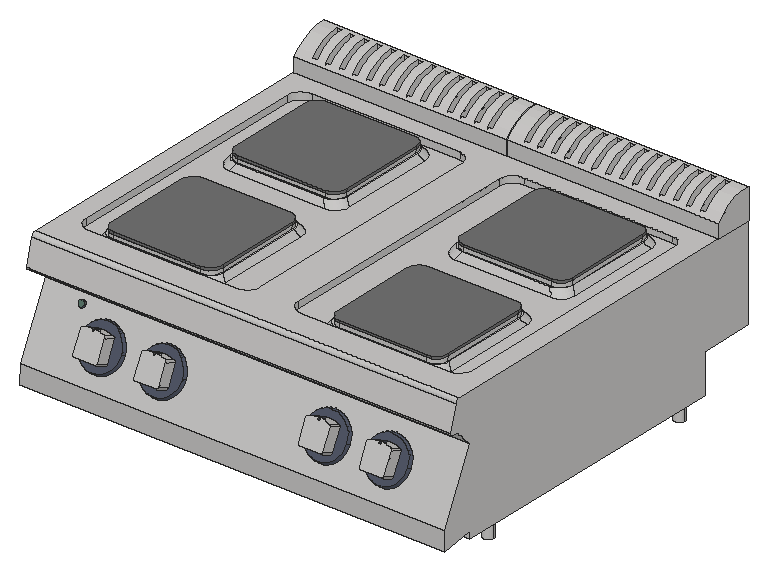
Revit family "QF_ZANUSSI_372017_Z7ECEH4Q00", category Specialty Equipment, Revit 2018
Family settings
  Round Connector Dimension = Use Diameter
  Part Type = Normal
  Work Plane-Based = No
  Always vertical = Yes
  Cut with Voids When Loaded = No
  Shared = No
  Room Calculation Point = No
Parameters
  Width = 800 mm  # constant formula
  Weight in Pounds = 88  # constant formula
  Weight = 0.00 kg
  Watts = 10400 W  # constant formula
  Volts = 400 V  # constant formula
  URL Manufacturer = "http://www.zanussiprofessional.com"
  URL Cutsheet = "www.electrolux.com/foodservice"
  URL = "http://www.zanussiprofessional.com"
  Type Mark [instance] = ""
  Steam Supply Size = 0"
  Steam Supply Minimum Pressure = 0.00 psi
  Steam Supply Maximum Pressure = 0.00 psi
  Steam Pounds per Hour = 0
  Status [instance] = ""
  Specification by User [instance] = ""
  Specification by Manufacturer = ""
  Show Logo [instance] = yes
  Show Clearance [instance] = yes
  Serial Number = ""
  Seismic Rating = ""
  SMACNA No = ""
  Revision Code [instance] = ""
  Refrigeration Suction Line Size = 0"
  Refrigeration Liquid Line Size = 0"
  Refrigerant Compressor Remote = yes
  Phase = 3  # constant formula
  Omniclass Number and Title = ""
  Number of Poles [instance] = 1
  NAFEM Spec ID Number = ""
  Model = "Z7ECEH4Q00"
  Min Ckt Ampacity = 0 A
  Max Overcurrent Protection = 0 A
  Masterspec = ""
  Manufacturer = "Zanussi"
  Length Actual = 800 mm  # constant formula
  Item Number [instance] = "372017"
  Installed By [instance] = ""
  Identify Quantity as Lot [instance] = yes
  Hot Water Size = 0"
  Height Actual = 250 mm  # constant formula
  Height = 332 mm  # constant formula
  HP = "13.9 HP"
  Gas Size = 0"
  Gas KW = 0
  Gas Input Pressure = 0.0 Btu/h
  Furnished By [instance] = ""
  Foodservice Equipment Identifier [instance] = yes
  FL Amps = if(Phase = 3, Watts / (Volts * 1.73), Watts / Volts)  # 15.0289 A
  Electrical Remarks [instance] = "400 V/3N ph/50/60 Hz"  # constant formula
  Electric Connection Type [instance] = ""
  Elec Conn RI Height [instance] = 0 mm
  Elec Conn Connection Height [instance] = 0 mm
  Direct Waste Size = 0"
  Description = "4-HOT SQUARE PLATE EL.BOILING TOP 800MM"
  Depth Actual = 700 mm  # constant formula
  Depth = 715 mm  # constant formula
  Cycle [instance] = if([60 Hertz Option], 60 Hz, 50 Hz)  # 60 Hz
  Conn Plug = ""
  Conn Conduit = yes
  Condensate Return Size = 0"
  Compressed Air Volume = 0 GPM
  Compressed Air Size = 0"
  Compressed Air Pressure = 0.00 psi
  Cold Water Size = 0"
  CSI MasterFormat = ""
  CSI Master Format = ""
  Base Height [instance] = 24 mm  # constant formula
  Assembly Code = ""
  Apparent Power = if(Phase = 3, Volts * FL Amps * 1.73, Volts * FL Amps)  # 10400 VA
  Accessory = yes
  60 Hertz Option [instance] = not([50 Hertz Option])  # yes
  50 Hertz Option [instance] = no
Reference planes
  plane 1 "BACK": y = 0
  plane 2: z = 0
  plane 3 "LEFT": x = 0
  plane 4 "RIGHT": x = 800
  plane 5 "FRONT": y = -715
  plane 6 "TOP": z = 288.925
  plane 7 "Center Y": x = 400
  plane 8 "Center X": y = -357.5
  plane 9 "BASE": z = 24
  plane 10 "TOP A": z = 274
  plane 11: y = -597.884
  plane 12: y = -147.637
  plane 13: z = 332
  plane 14 "panel": through (-6096, -654.982, 186.002) normal (0, -0.8956, 0.4448)
  plane 15: y = -700
Forms (mm)
  Extrusion 1, solid, material "QF_Finishes_Stainless Steel"
    sketch origin (0, 0, 0) x (0, 1, 0) y (0, 0, 1)
      loop
        line (0, 98) -> (0, 274) -> (-679.358, 274)
        arc (-679.358, 274) -> (-684.643, 271.811) -> (-686.833, 266.526) r 7.474
        line (-686.833, 266.526) -> (-699.884, 221.011)
        arc (-699.884, 221.011) -> (-699.396, 218.379) -> (-697, 217.184) r 3
        line (-697, 217.184) -> (-686.802, 217.184) -> (-654.982, 185.364) -> (-715, 64.508) -> (-715, 29.508) -> (-658.645, 37.428)
        arc (-658.645, 37.428) -> (-656.101, 36.674) -> (-655, 34.259) r 3.2
        line (-655, 34.259) -> (-655, 24) -> (-103, 24) -> (-103, 98) -> (0, 98)
    from 0 to 800
  Extrusion 2, solid, material "QF_Finishes_Stainless Steel"
    sketch origin (0, 0, 0) x (1, 0, 0) y (0, 1, 0)
      loop
        circle (11.112, -147.638) r 9.525
      loop
        circle (11.112, -597.884) r 9.525
      loop
        circle (788.887, -147.638) r 9.525
      loop
        circle (788.887, -597.884) r 9.525
    from 0 to 24
  Extrusion 3, solid, material "QF_Finishes_Stainless Steel"
    sketch origin (0, -101.6, 101.6) x (0, 0, -1) y (-1, 0, 0)
      loop
        circle (41.088, -747.613) r 12.7
    from 0 to 3.175
  Extrusion 4, solid, material "QF_Finishes_Clearance", visible <- "Show Clearance", detail levels coarse
    sketch origin (0, 0, 0) x (1, 0, 0) y (0, 1, 0)
      loop
        line (0, -715) -> (0, 0) -> (800, 0) -> (800, -715) -> (950.019, -715) -> (950.019, 150.019) -> (-150.019, 150.019) -> (-150.019, -715) -> (0, -715)
    from 0 to 331.788
  Extrusion 5, solid, material "QF_Finishes_Stainless Steel"
    sketch origin (0, 0, 0) x (0, 1, 0) y (0, 0, 1)
      loop
        line (0, 274) -> (0, 331.492)
        arc (0, 331.492) -> (-38.8, 324.37) -> (-69.85, 300.038) r 82.447
        line (-69.85, 300.038) -> (-69.85, 274) -> (0, 274)
    from 0 to 400.05
  Extrusion 6, void
    sketch origin (0, 0, 274.638) x (0, -1, 0) y (1, 0, 0)
      loop
        line (6.761, 29.703) -> (63.911, 29.703) -> (63.911, 38.999) -> (6.761, 38.999) -> (6.761, 29.703)
      loop
        line (63.911, 64.487) -> (6.761, 64.487) -> (6.761, 55.191) -> (63.911, 55.191) -> (63.911, 64.487)
      loop
        line (63.911, 89.975) -> (6.761, 89.975) -> (6.761, 80.68) -> (63.911, 80.68) -> (63.911, 89.975)
      loop
        line (63.911, 115.464) -> (6.761, 115.464) -> (6.761, 106.168) -> (63.911, 106.168) -> (63.911, 115.464)
      loop
        line (63.911, 140.952) -> (6.761, 140.952) -> (6.761, 131.656) -> (63.911, 131.656) -> (63.911, 140.952)
      loop
        line (63.911, 166.44) -> (6.761, 166.44) -> (6.761, 157.145) -> (63.911, 157.145) -> (63.911, 166.44)
      loop
        line (63.911, 191.929) -> (6.761, 191.929) -> (6.761, 182.633) -> (63.911, 182.633) -> (63.911, 191.929)
      loop
        line (63.911, 217.417) -> (6.761, 217.417) -> (6.761, 208.121) -> (63.911, 208.121) -> (63.911, 217.417)
      loop
        line (63.911, 242.905) -> (6.761, 242.905) -> (6.761, 233.61) -> (63.911, 233.61) -> (63.911, 242.905)
      loop
        line (63.911, 268.394) -> (6.761, 268.394) -> (6.761, 259.098) -> (63.911, 259.098) -> (63.911, 268.394)
      loop
        line (63.911, 293.882) -> (6.761, 293.882) -> (6.761, 284.586) -> (63.911, 284.586) -> (63.911, 293.882)
      loop
        line (63.911, 319.37) -> (6.761, 319.37) -> (6.761, 310.075) -> (63.911, 310.075) -> (63.911, 319.37)
      loop
        line (63.911, 344.859) -> (6.761, 344.859) -> (6.761, 335.563) -> (63.911, 335.563) -> (63.911, 344.859)
      loop
        line (63.911, 370.347) -> (6.761, 370.347) -> (6.761, 361.051) -> (63.911, 361.051) -> (63.911, 370.347)
    from 25.4 to 63.5
  Extrusion 7, solid, material "QF_Finishes_Stainless Steel"
    sketch origin (400.05, 0, 0) x (0, 1, 0) y (0, 0, 1)
      loop
        line (0, 274) -> (0, 331.492)
        arc (0, 331.492) -> (-38.8, 324.37) -> (-69.85, 300.038) r 82.447
        line (-69.85, 300.038) -> (-69.85, 274) -> (0, 274)
    from 0 to 400.05
  Extrusion 8, void
    sketch origin (400.05, 0, 274.638) x (0, -1, 0) y (1, 0, 0)
      loop
        line (6.761, 29.653) -> (63.911, 29.653) -> (63.911, 38.949) -> (6.761, 38.949) -> (6.761, 29.653)
      loop
        line (63.911, 64.437) -> (6.761, 64.437) -> (6.761, 55.141) -> (63.911, 55.141) -> (63.911, 64.437)
      loop
        line (63.911, 89.925) -> (6.761, 89.925) -> (6.761, 80.63) -> (63.911, 80.63) -> (63.911, 89.925)
      loop
        line (63.911, 115.414) -> (6.761, 115.414) -> (6.761, 106.118) -> (63.911, 106.118) -> (63.911, 115.414)
      loop
        line (63.911, 140.902) -> (6.761, 140.902) -> (6.761, 131.606) -> (63.911, 131.606) -> (63.911, 140.902)
      loop
        line (63.911, 166.39) -> (6.761, 166.39) -> (6.761, 157.095) -> (63.911, 157.095) -> (63.911, 166.39)
      loop
        line (63.911, 191.879) -> (6.761, 191.879) -> (6.761, 182.583) -> (63.911, 182.583) -> (63.911, 191.879)
      loop
        line (63.911, 217.367) -> (6.761, 217.367) -> (6.761, 208.071) -> (63.911, 208.071) -> (63.911, 217.367)
      loop
        line (63.911, 242.855) -> (6.761, 242.855) -> (6.761, 233.56) -> (63.911, 233.56) -> (63.911, 242.855)
      loop
        line (63.911, 268.344) -> (6.761, 268.344) -> (6.761, 259.048) -> (63.911, 259.048) -> (63.911, 268.344)
      loop
        line (63.911, 293.832) -> (6.761, 293.832) -> (6.761, 284.536) -> (63.911, 284.536) -> (63.911, 293.832)
      loop
        line (63.911, 319.32) -> (6.761, 319.32) -> (6.761, 310.025) -> (63.911, 310.025) -> (63.911, 319.32)
      loop
        line (63.911, 344.809) -> (6.761, 344.809) -> (6.761, 335.513) -> (63.911, 335.513) -> (63.911, 344.809)
      loop
        line (63.911, 370.297) -> (6.761, 370.297) -> (6.761, 361.001) -> (63.911, 361.001) -> (63.911, 370.297)
    from 25.4 to 63.5
  Extrusion 9, void
    sketch origin (0, 0, 274.638) x (1, 0, 0) y (0, -1, 0)
      loop
        line (60.425, 104.885) -> (339.575, 104.885)
        arc (339.575, 104.885) -> (357.536, 112.324) -> (364.975, 130.285) r 25.4
        line (364.975, 130.285) -> (364.975, 604.235)
        arc (364.975, 604.235) -> (357.536, 622.195) -> (339.575, 629.635) r 25.4
        line (339.575, 629.635) -> (60.425, 629.635)
        arc (60.425, 629.635) -> (42.464, 622.195) -> (35.025, 604.235) r 25.4
        line (35.025, 604.235) -> (35.025, 130.285)
        arc (35.025, 130.285) -> (42.464, 112.324) -> (60.425, 104.885) r 25.4
      loop
        arc (739.575, 104.885) -> (757.536, 112.324) -> (764.975, 130.285) r 25.4
        line (764.975, 130.285) -> (764.975, 604.235)
        arc (764.975, 604.235) -> (757.536, 622.195) -> (739.575, 629.635) r 25.4
        line (739.575, 629.635) -> (460.425, 629.635)
        arc (460.425, 629.635) -> (442.464, 622.195) -> (435.025, 604.235) r 25.4
        line (435.025, 604.235) -> (435.025, 130.285)
        arc (435.025, 130.285) -> (442.464, 112.324) -> (460.425, 104.885) r 25.4
        line (460.425, 104.885) -> (739.575, 104.885)
    from 0 to 12.7
  Blend 10, solid, material "QF_Finishes_Navy Blue"
    base sketch origin (130.025, -684.991, 125.574) x (1, 0, 0) y (0, 0.444781, 0.895639)
      loop
        circle (0, 0) r 42.5
    top sketch origin (130.025, -684.991, 125.574) x (1, 0, 0) y (0, 0.444781, 0.895639)
      loop
        circle (0, 0) r 40.5
    from 0 to 5
  Extrusion 11, solid, material "QF_Finishes_Stainless Steel"
    sketch origin (130.025, -684.991, 125.574) x (1, 0, 0) y (0, 0.444781, 0.895639)
      loop
        arc (-21.147, 22.789) -> (-22.494, 21.685) -> (-23, 20.019) r 2.997
        line (-23, 20.019) -> (-23, -20.019)
        arc (-23, -20.019) -> (-22.122, -22.138) -> (-20.003, -23.016) r 2.997
        line (-20.003, -23.016) -> (20.003, -23.016)
        arc (20.003, -23.016) -> (22.122, -22.138) -> (23, -20.019) r 2.997
        line (23, -20.019) -> (23, 20.019)
        arc (23, 20.019) -> (22.494, 21.685) -> (21.147, 22.789) r 2.997
        arc (21.147, 22.789) -> (0, 26.984) -> (-21.147, 22.789) r 55.4
    from 10 to 34
  Extrusion 12, solid, material "QF_Plastic-Black-Matte"
    sketch origin (187.525, -684.991, 125.574) x (0, 0.444781, 0.895639) y (0, -0.895639, 0.444781)
      loop
        line (26.984, 34) -> (26.984, 19) -> (27.984, 19) -> (27.984, 34)
        arc (27.984, 34) -> (27.691, 34.707) -> (26.984, 35) r 1
        line (26.984, 35) -> (23.984, 35) -> (23.984, 34) -> (26.984, 34)
    from -58.5 to -56.5
  Extrusion 13, solid, material "QF_Finishes_DarkGreen"
    sketch origin (130.025, -662.752, 170.356) x (1, 0, 0) y (0, 0.444781, 0.895639)
      loop
        circle (-55.001, 0) r 6
    from 0 to 1.6
  Extrusion 14, solid, material "QF_Finishes_Stainless Steel"
    sketch origin (130.025, -684.991, 125.574) x (1, 0, 0) y (0, 0.444781, 0.895639)
      loop
        line (17.5, 17.5) -> (-17.5, 17.5) -> (-17.5, -17.5) -> (17.5, -17.5) -> (17.5, 17.5)
    from 5 to 10
  Blend 15, solid, material "QF_Finishes_Navy Blue"
    base sketch origin (245.025, -684.991, 125.574) x (1, 0, 0) y (0, 0.444781, 0.895639)
      loop
        circle (-0.05, 0) r 42.5
    top sketch origin (245.025, -684.991, 125.574) x (1, 0, 0) y (0, 0.444781, 0.895639)
      loop
        circle (-0.05, 0) r 40.5
    from 0 to 5
  Extrusion 16, solid, material "QF_Finishes_Stainless Steel"
    sketch origin (245.025, -684.991, 125.574) x (1, 0, 0) y (0, 0.444781, 0.895639)
      loop
        arc (-21.197, 22.789) -> (-22.544, 21.685) -> (-23.05, 20.019) r 2.997
        line (-23.05, 20.019) -> (-23.05, -20.019)
        arc (-23.05, -20.019) -> (-22.172, -22.138) -> (-20.053, -23.016) r 2.997
        line (-20.053, -23.016) -> (19.953, -23.016)
        arc (19.953, -23.016) -> (22.072, -22.138) -> (22.95, -20.019) r 2.997
        line (22.95, -20.019) -> (22.95, 20.019)
        arc (22.95, 20.019) -> (22.444, 21.685) -> (21.097, 22.789) r 2.997
        arc (21.097, 22.789) -> (-0.05, 26.984) -> (-21.197, 22.789) r 55.4
    from 10 to 34
  Extrusion 17, solid, material "QF_Finishes_Stainless Steel"
    sketch origin (245.025, -684.991, 125.574) x (1, 0, 0) y (0, 0.444781, 0.895639)
      loop
        line (17.45, 17.5) -> (-17.55, 17.5) -> (-17.55, -17.5) -> (17.45, -17.5) -> (17.45, 17.5)
    from 5 to 10
  Blend 18, solid, material "QF_Finishes_Navy Blue"
    base sketch origin (555.075, -684.991, 125.574) x (1, 0, 0) y (0, 0.444781, 0.895639)
      loop
        circle (-0.05, 0) r 42.5
    top sketch origin (555.075, -684.991, 125.574) x (1, 0, 0) y (0, 0.444781, 0.895639)
      loop
        circle (-0.05, 0) r 40.5
    from 0 to 5
  Extrusion 19, solid, material "QF_Finishes_Stainless Steel"
    sketch origin (555.075, -684.991, 125.574) x (1, 0, 0) y (0, 0.444781, 0.895639)
      loop
        arc (-21.197, 22.789) -> (-22.544, 21.685) -> (-23.05, 20.019) r 2.997
        line (-23.05, 20.019) -> (-23.05, -20.019)
        arc (-23.05, -20.019) -> (-22.172, -22.138) -> (-20.053, -23.016) r 2.997
        line (-20.053, -23.016) -> (19.953, -23.016)
        arc (19.953, -23.016) -> (22.072, -22.138) -> (22.95, -20.019) r 2.997
        line (22.95, -20.019) -> (22.95, 20.019)
        arc (22.95, 20.019) -> (22.444, 21.685) -> (21.097, 22.789) r 2.997
        arc (21.097, 22.789) -> (-0.05, 26.984) -> (-21.197, 22.789) r 55.4
    from 10 to 34
  Extrusion 20, solid, material "QF_Plastic-Black-Matte"
    sketch origin (612.575, -684.991, 125.574) x (0, 0.444781, 0.895639) y (0, -0.895639, 0.444781)
      loop
        line (26.984, 34) -> (26.984, 19) -> (27.984, 19) -> (27.984, 34)
        arc (27.984, 34) -> (27.691, 34.707) -> (26.984, 35) r 1
        line (26.984, 35) -> (23.984, 35) -> (23.984, 34) -> (26.984, 34)
    from -58.5 to -56.5
  Extrusion 21, solid, material "QF_Finishes_Stainless Steel"
    sketch origin (555.075, -684.991, 125.574) x (1, 0, 0) y (0, 0.444781, 0.895639)
      loop
        line (17.45, 17.5) -> (-17.55, 17.5) -> (-17.55, -17.5) -> (17.45, -17.5) -> (17.45, 17.5)
    from 5 to 10
  Blend 22, solid, material "QF_Finishes_Navy Blue"
    base sketch origin (670.075, -684.991, 125.574) x (1, 0, 0) y (0, 0.444781, 0.895639)
      loop
        circle (-0.1, 0) r 42.5
    top sketch origin (670.075, -684.991, 125.574) x (1, 0, 0) y (0, 0.444781, 0.895639)
      loop
        circle (-0.1, 0) r 40.5
    from 0 to 5
  Extrusion 23, solid, material "QF_Finishes_Stainless Steel"
    sketch origin (670.075, -684.991, 125.574) x (1, 0, 0) y (0, 0.444781, 0.895639)
      loop
        arc (-21.247, 22.789) -> (-22.594, 21.685) -> (-23.1, 20.019) r 2.997
        line (-23.1, 20.019) -> (-23.1, -20.019)
        arc (-23.1, -20.019) -> (-22.222, -22.138) -> (-20.103, -23.016) r 2.997
        line (-20.103, -23.016) -> (19.903, -23.016)
        arc (19.903, -23.016) -> (22.022, -22.138) -> (22.9, -20.019) r 2.997
        line (22.9, -20.019) -> (22.9, 20.019)
        arc (22.9, 20.019) -> (22.394, 21.685) -> (21.047, 22.789) r 2.997
        arc (21.047, 22.789) -> (-0.1, 26.984) -> (-21.247, 22.789) r 55.4
    from 10 to 34
  Extrusion 24, solid, material "QF_Finishes_Stainless Steel"
    sketch origin (670.075, -684.991, 125.574) x (1, 0, 0) y (0, 0.444781, 0.895639)
      loop
        line (17.4, 17.5) -> (-17.6, 17.5) -> (-17.6, -17.5) -> (17.4, -17.5) -> (17.4, 17.5)
    from 5 to 10
  Extrusion 25, solid, material "QF_Plastic-Black-Matte"
    sketch origin (727.525, -684.991, 125.574) x (0, 0.444781, 0.895639) y (0, -0.895639, 0.444781)
      loop
        line (26.984, 34) -> (26.984, 19) -> (27.984, 19) -> (27.984, 34)
        arc (27.984, 34) -> (27.691, 34.707) -> (26.984, 35) r 1
        line (26.984, 35) -> (23.984, 35) -> (23.984, 34) -> (26.984, 34)
    from -58.5 to -56.5
  Extrusion 26, solid, material "QF_Plastic-Black-Matte"
    sketch origin (302.475, -684.991, 125.574) x (0, 0.444781, 0.895639) y (0, -0.895639, 0.444781)
      loop
        line (26.984, 34) -> (26.984, 19) -> (27.984, 19) -> (27.984, 34)
        arc (27.984, 34) -> (27.691, 34.707) -> (26.984, 35) r 1
        line (26.984, 35) -> (23.984, 35) -> (23.984, 34) -> (26.984, 34)
    from -58.5 to -56.5
Cuts and joins
  Extrusion 6 cuts Extrusion 5
  Extrusion 8 cuts Extrusion 7
  Extrusion 9 cuts Extrusion 1
Lines and regions (mm)
  Split face 1
    outline origin (135.926, -689.469, 127.797) x (1, 0, 0) y (0, 0.444781, 0.895639)
      loop
        line (-8.901, 38.561) -> (-8.901, 28.561) -> (-2.901, 28.561) -> (-2.901, 38.561) -> (-8.901, 38.561)
  Split face 2
    outline origin (135.926, -689.469, 127.797) x (1, 0, 0) y (0, 0.444781, 0.895639)
      loop
        line (-8.401, 38.061) -> (-8.401, 29.061) -> (-3.401, 29.061) -> (-3.401, 38.061) -> (-8.401, 38.061)
  Split face 3
    outline origin (135.926, -689.469, 127.797) x (1, 0, 0) y (0, 0.444781, 0.895639)
      loop
        line (-8.401, 34.061) -> (-3.401, 34.061)
  Split face 4
    outline origin (135.926, -689.469, 127.797) x (1, 0, 0) y (0, 0.444781, 0.895639)
      loop
        line (-8.401, 33.561) -> (-3.401, 33.561)
  Split face 5
    outline origin (135.926, -689.469, 127.797) x (1, 0, 0) y (0, 0.444781, 0.895639)
      loop
        circle (-5.901, 31.311) r 2.029
  Split face 6
    outline origin (130.025, -689.469, 127.797) x (1, 0, 0) y (0, 0.444781, 0.895639)
      loop
        circle (-34, 0) r 1.5
  Split face 7
    outline origin (130.025, -689.469, 127.797) x (1, 0, 0) y (0, 0.444781, 0.895639)
      loop
        circle (-30.633, -14.752) r 1.5
  Split face 8
    outline origin (130.025, -689.469, 127.797) x (1, 0, 0) y (0, 0.444781, 0.895639)
      loop
        circle (-21.199, -26.582) r 1.5
  Split face 9
    outline origin (130.025, -689.469, 127.797) x (1, 0, 0) y (0, 0.444781, 0.895639)
      loop
        circle (-7.566, -33.148) r 1.5
  Split face 10
    outline origin (130.025, -689.469, 127.797) x (1, 0, 0) y (0, 0.444781, 0.895639)
      loop
        circle (7.566, -33.148) r 1.5
  Split face 11
    outline origin (130.025, -689.469, 127.797) x (1, 0, 0) y (0, 0.444781, 0.895639)
      loop
        circle (21.199, -26.582) r 1.5
  Split face 12
    outline origin (130.025, -689.469, 127.797) x (1, 0, 0) y (0, 0.444781, 0.895639)
      loop
        circle (30.633, -14.752) r 1.5
  Split face 13
    outline origin (130.025, -689.469, 127.797) x (1, 0, 0) y (0, 0.444781, 0.895639)
      loop
        circle (34, 0) r 1.5
  Split face 14
    outline origin (130.025, -689.469, 127.797) x (1, 0, 0) y (0, 0.444781, 0.895639)
      loop
        circle (-21.199, 26.582) r 1.5
  Split face 15
    outline origin (245.025, -689.469, 127.797) x (1, 0, 0) y (0, 0.444781, 0.895639)
      loop
        circle (-34, 0) r 1.5
  Split face 16
    outline origin (245.025, -689.469, 127.797) x (1, 0, 0) y (0, 0.444781, 0.895639)
      loop
        circle (-30.633, -14.752) r 1.5
  Split face 17
    outline origin (245.025, -689.469, 127.797) x (1, 0, 0) y (0, 0.444781, 0.895639)
      loop
        circle (-21.199, -26.582) r 1.5
  Split face 18
    outline origin (245.025, -689.469, 127.797) x (1, 0, 0) y (0, 0.444781, 0.895639)
      loop
        circle (-7.566, -33.148) r 1.5
  Split face 19
    outline origin (245.025, -689.469, 127.797) x (1, 0, 0) y (0, 0.444781, 0.895639)
      loop
        circle (7.566, -33.148) r 1.5
  Split face 20
    outline origin (245.025, -689.469, 127.797) x (1, 0, 0) y (0, 0.444781, 0.895639)
      loop
        circle (21.199, -26.582) r 1.5
  Split face 21
    outline origin (245.025, -689.469, 127.797) x (1, 0, 0) y (0, 0.444781, 0.895639)
      loop
        circle (30.633, -14.752) r 1.5
  Split face 22
    outline origin (245.025, -689.469, 127.797) x (1, 0, 0) y (0, 0.444781, 0.895639)
      loop
        circle (34, 0) r 1.5
  Split face 23
    outline origin (245.025, -689.469, 127.797) x (1, 0, 0) y (0, 0.444781, 0.895639)
      loop
        circle (-21.199, 26.582) r 1.5
  Split face 24
    outline origin (245.025, -689.469, 127.797) x (1, 0, 0) y (0, 0.444781, 0.895639)
      loop
        line (-3, 38.561) -> (-3, 28.561) -> (3, 28.561) -> (3, 38.561) -> (-3, 38.561)
  Split face 25
    outline origin (245.025, -689.469, 127.797) x (1, 0, 0) y (0, 0.444781, 0.895639)
      loop
        line (-2.5, 38.061) -> (-2.5, 29.061) -> (2.5, 29.061) -> (2.5, 38.061) -> (-2.5, 38.061)
  Split face 26
    outline origin (245.025, -689.469, 127.797) x (1, 0, 0) y (0, 0.444781, 0.895639)
      loop
        line (-2.5, 33.561) -> (2.5, 33.561)
  Split face 27
    outline origin (245.025, -689.469, 127.797) x (1, 0, 0) y (0, 0.444781, 0.895639)
      loop
        line (-2.5, 33.061) -> (2.5, 33.061)
  Split face 28
    outline origin (245.025, -689.469, 127.797) x (1, 0, 0) y (0, 0.444781, 0.895639)
      loop
        circle (0, 35.811) r 2.031
  Split face 29
    outline origin (560.976, -689.469, 127.797) x (1, 0, 0) y (0, 0.444781, 0.895639)
      loop
        line (-8.901, 38.561) -> (-8.901, 28.561) -> (-2.901, 28.561) -> (-2.901, 38.561) -> (-8.901, 38.561)
  Split face 30
    outline origin (560.976, -689.469, 127.797) x (1, 0, 0) y (0, 0.444781, 0.895639)
      loop
        line (-8.401, 38.061) -> (-8.401, 29.061) -> (-3.401, 29.061) -> (-3.401, 38.061) -> (-8.401, 38.061)
  Split face 31
    outline origin (560.976, -689.469, 127.797) x (1, 0, 0) y (0, 0.444781, 0.895639)
      loop
        line (-8.401, 34.061) -> (-3.401, 34.061)
  Split face 32
    outline origin (560.976, -689.469, 127.797) x (1, 0, 0) y (0, 0.444781, 0.895639)
      loop
        line (-8.401, 33.561) -> (-3.401, 33.561)
  Split face 33
    outline origin (560.976, -689.469, 127.797) x (1, 0, 0) y (0, 0.444781, 0.895639)
      loop
        circle (-5.901, 31.311) r 2.029
  Split face 34
    outline origin (555.075, -689.469, 127.797) x (1, 0, 0) y (0, 0.444781, 0.895639)
      loop
        circle (-34, 0) r 1.5
  Split face 35
    outline origin (555.075, -689.469, 127.797) x (1, 0, 0) y (0, 0.444781, 0.895639)
      loop
        circle (-30.633, -14.752) r 1.5
  Split face 36
    outline origin (555.075, -689.469, 127.797) x (1, 0, 0) y (0, 0.444781, 0.895639)
      loop
        circle (-21.199, -26.582) r 1.5
  Split face 37
    outline origin (555.075, -689.469, 127.797) x (1, 0, 0) y (0, 0.444781, 0.895639)
      loop
        circle (-7.566, -33.148) r 1.5
  Split face 38
    outline origin (555.075, -689.469, 127.797) x (1, 0, 0) y (0, 0.444781, 0.895639)
      loop
        circle (7.566, -33.148) r 1.5
  Split face 39
    outline origin (555.075, -689.469, 127.797) x (1, 0, 0) y (0, 0.444781, 0.895639)
      loop
        circle (21.199, -26.582) r 1.5
  Split face 40
    outline origin (555.075, -689.469, 127.797) x (1, 0, 0) y (0, 0.444781, 0.895639)
      loop
        circle (30.633, -14.752) r 1.5
  Split face 41
    outline origin (555.075, -689.469, 127.797) x (1, 0, 0) y (0, 0.444781, 0.895639)
      loop
        circle (34, 0) r 1.5
  Split face 42
    outline origin (555.075, -689.469, 127.797) x (1, 0, 0) y (0, 0.444781, 0.895639)
      loop
        circle (-21.199, 26.582) r 1.5
  Split face 43
    outline origin (670.075, -689.469, 127.797) x (1, 0, 0) y (0, 0.444781, 0.895639)
      loop
        circle (-34, 0) r 1.5
  Split face 44
    outline origin (670.075, -689.469, 127.797) x (1, 0, 0) y (0, 0.444781, 0.895639)
      loop
        circle (-30.633, -14.752) r 1.5
  Split face 45
    outline origin (670.075, -689.469, 127.797) x (1, 0, 0) y (0, 0.444781, 0.895639)
      loop
        circle (-21.199, -26.582) r 1.5
  Split face 46
    outline origin (670.075, -689.469, 127.797) x (1, 0, 0) y (0, 0.444781, 0.895639)
      loop
        circle (-7.566, -33.148) r 1.5
  Split face 47
    outline origin (670.075, -689.469, 127.797) x (1, 0, 0) y (0, 0.444781, 0.895639)
      loop
        circle (7.566, -33.148) r 1.5
  Split face 48
    outline origin (670.075, -689.469, 127.797) x (1, 0, 0) y (0, 0.444781, 0.895639)
      loop
        circle (21.199, -26.582) r 1.5
  Split face 49
    outline origin (670.075, -689.469, 127.797) x (1, 0, 0) y (0, 0.444781, 0.895639)
      loop
        circle (30.633, -14.752) r 1.5
  Split face 50
    outline origin (670.075, -689.469, 127.797) x (1, 0, 0) y (0, 0.444781, 0.895639)
      loop
        circle (34, 0) r 1.5
  Split face 51
    outline origin (670.075, -689.469, 127.797) x (1, 0, 0) y (0, 0.444781, 0.895639)
      loop
        circle (-21.199, 26.582) r 1.5
  Split face 52
    outline origin (670.075, -689.469, 127.797) x (1, 0, 0) y (0, 0.444781, 0.895639)
      loop
        line (-3, 38.561) -> (-3, 28.561) -> (3, 28.561) -> (3, 38.561) -> (-3, 38.561)
  Split face 53
    outline origin (670.075, -689.469, 127.797) x (1, 0, 0) y (0, 0.444781, 0.895639)
      loop
        line (-2.5, 38.061) -> (-2.5, 29.061) -> (2.5, 29.061) -> (2.5, 38.061) -> (-2.5, 38.061)
  Split face 54
    outline origin (670.075, -689.469, 127.797) x (1, 0, 0) y (0, 0.444781, 0.895639)
      loop
        line (-2.5, 33.561) -> (2.5, 33.561)
  Split face 55
    outline origin (670.075, -689.469, 127.797) x (1, 0, 0) y (0, 0.444781, 0.895639)
      loop
        line (-2.5, 33.061) -> (2.5, 33.061)
  Split face 56
    outline origin (670.075, -689.469, 127.797) x (1, 0, 0) y (0, 0.444781, 0.895639)
      loop
        circle (0, 35.811) r 2.031
  symbolic lines, style "QF-Clearances", visible <- "Show Clearance", detail levels coarse
    curve 1: line (-150.019, 150.019, 274) -> (-150.019, -715, 274)
    curve 2: line (950.019, 150.019, 274) -> (-150.019, 150.019, 274)
    curve 3: line (950.019, -715, 274) -> (950.019, 150.019, 274)
  symbolic lines
    curve 4: line (0, 0, 274) -> (800, 0, 274)
    curve 5: line (0, -715, 274) -> (0, 0, 274)
    curve 6: line (800, 0, 274) -> (800, -715, 274)
    curve 7: line (0, -69.85, 274) -> (800, -69.85, 274)
    curve 8: line (29.703, -6.761, 0) -> (38.999, -6.761, 0)
    curve 9: line (29.703, -63.911, 0) -> (29.703, -6.761, 0)
    curve 10: line (38.999, -63.911, 0) -> (29.703, -63.911, 0)
    curve 11: line (38.999, -6.761, 0) -> (38.999, -63.911, 0)
    curve 12: line (55.191, -6.761, 0) -> (64.487, -6.761, 0)
    curve 13: line (55.191, -63.911, 0) -> (55.191, -6.761, 0)
    curve 14: line (64.487, -63.911, 0) -> (55.191, -63.911, 0)
    curve 15: line (64.487, -6.761, 0) -> (64.487, -63.911, 0)
    curve 16: line (80.68, -6.761, 0) -> (89.975, -6.761, 0)
    curve 17: line (80.68, -63.911, 0) -> (80.68, -6.761, 0)
    curve 18: line (89.975, -63.911, 0) -> (80.68, -63.911, 0)
    curve 19: line (89.975, -6.761, 0) -> (89.975, -63.911, 0)
    curve 20: line (106.168, -6.761, 0) -> (115.464, -6.761, 0)
    curve 21: line (106.168, -63.911, 0) -> (106.168, -6.761, 0)
    curve 22: line (115.464, -63.911, 0) -> (106.168, -63.911, 0)
    curve 23: line (115.464, -6.761, 0) -> (115.464, -63.911, 0)
    curve 24: line (131.656, -6.761, 0) -> (140.952, -6.761, 0)
    curve 25: line (131.656, -63.911, 0) -> (131.656, -6.761, 0)
    curve 26: line (140.952, -63.911, 0) -> (131.656, -63.911, 0)
    curve 27: line (140.952, -6.761, 0) -> (140.952, -63.911, 0)
    curve 28: line (157.145, -6.761, 0) -> (166.44, -6.761, 0)
    curve 29: line (157.145, -63.911, 0) -> (157.145, -6.761, 0)
    curve 30: line (166.44, -63.911, 0) -> (157.145, -63.911, 0)
    curve 31: line (166.44, -6.761, 0) -> (166.44, -63.911, 0)
    curve 32: line (182.633, -6.761, 0) -> (191.929, -6.761, 0)
    curve 33: line (182.633, -63.911, 0) -> (182.633, -6.761, 0)
    curve 34: line (191.929, -63.911, 0) -> (182.633, -63.911, 0)
    curve 35: line (191.929, -6.761, 0) -> (191.929, -63.911, 0)
    curve 36: line (208.121, -6.761, 0) -> (217.417, -6.761, 0)
    curve 37: line (208.121, -63.911, 0) -> (208.121, -6.761, 0)
    curve 38: line (217.417, -63.911, 0) -> (208.121, -63.911, 0)
    curve 39: line (217.417, -6.761, 0) -> (217.417, -63.911, 0)
    curve 40: line (233.61, -6.761, 0) -> (242.905, -6.761, 0)
    curve 41: line (233.61, -63.911, 0) -> (233.61, -6.761, 0)
    curve 42: line (242.905, -63.911, 0) -> (233.61, -63.911, 0)
    curve 43: line (242.905, -6.761, 0) -> (242.905, -63.911, 0)
    curve 44: line (259.098, -6.761, 0) -> (268.394, -6.761, 0)
    curve 45: line (259.098, -63.911, 0) -> (259.098, -6.761, 0)
    curve 46: line (268.394, -63.911, 0) -> (259.098, -63.911, 0)
    curve 47: line (268.394, -6.761, 0) -> (268.394, -63.911, 0)
    curve 48: line (284.586, -6.761, 0) -> (293.882, -6.761, 0)
    curve 49: line (284.586, -63.911, 0) -> (284.586, -6.761, 0)
    curve 50: line (293.882, -63.911, 0) -> (284.586, -63.911, 0)
    curve 51: line (293.882, -6.761, 0) -> (293.882, -63.911, 0)
    curve 52: line (310.075, -6.761, 0) -> (319.37, -6.761, 0)
    curve 53: line (310.075, -63.911, 0) -> (310.075, -6.761, 0)
    curve 54: line (319.37, -63.911, 0) -> (310.075, -63.911, 0)
    curve 55: line (319.37, -6.761, 0) -> (319.37, -63.911, 0)
    curve 56: line (335.563, -6.761, 0) -> (344.859, -6.761, 0)
    curve 57: line (335.563, -63.911, 0) -> (335.563, -6.761, 0)
    curve 58: line (344.859, -63.911, 0) -> (335.563, -63.911, 0)
    curve 59: line (344.859, -6.761, 0) -> (344.859, -63.911, 0)
    curve 60: line (361.051, -6.761, 0) -> (370.347, -6.761, 0)
    curve 61: line (361.051, -63.911, 0) -> (361.051, -6.761, 0)
    curve 62: line (370.347, -63.911, 0) -> (361.051, -63.911, 0)
    curve 63: line (370.347, -6.761, 0) -> (370.347, -63.911, 0)
    curve 64: line (400, 0, 0) -> (400, -69.85, 0)
    curve 65: line (770.347, -6.761, 0) -> (761.051, -6.761, 0)
    curve 66: line (770.347, -63.911, 0) -> (770.347, -6.761, 0)
    curve 67: line (761.051, -63.911, 0) -> (770.347, -63.911, 0)
    curve 68: line (761.051, -6.761, 0) -> (761.051, -63.911, 0)
    curve 69: line (744.859, -6.761, 0) -> (735.563, -6.761, 0)
    curve 70: line (744.859, -63.911, 0) -> (744.859, -6.761, 0)
    curve 71: line (735.563, -63.911, 0) -> (744.859, -63.911, 0)
    curve 72: line (735.563, -6.761, 0) -> (735.563, -63.911, 0)
    curve 73: line (719.37, -6.761, 0) -> (710.075, -6.761, 0)
    curve 74: line (719.37, -63.911, 0) -> (719.37, -6.761, 0)
    curve 75: line (710.075, -63.911, 0) -> (719.37, -63.911, 0)
    curve 76: line (710.075, -6.761, 0) -> (710.075, -63.911, 0)
    curve 77: line (693.882, -6.761, 0) -> (684.586, -6.761, 0)
    curve 78: line (693.882, -63.911, 0) -> (693.882, -6.761, 0)
    curve 79: line (684.586, -63.911, 0) -> (693.882, -63.911, 0)
    curve 80: line (684.586, -6.761, 0) -> (684.586, -63.911, 0)
    curve 81: line (668.394, -6.761, 0) -> (659.098, -6.761, 0)
    curve 82: line (668.394, -63.911, 0) -> (668.394, -6.761, 0)
    curve 83: line (659.098, -63.911, 0) -> (668.394, -63.911, 0)
    curve 84: line (659.098, -6.761, 0) -> (659.098, -63.911, 0)
    curve 85: line (642.905, -6.761, 0) -> (633.61, -6.761, 0)
    curve 86: line (642.905, -63.911, 0) -> (642.905, -6.761, 0)
    curve 87: line (633.61, -63.911, 0) -> (642.905, -63.911, 0)
    curve 88: line (633.61, -6.761, 0) -> (633.61, -63.911, 0)
    curve 89: line (617.417, -6.761, 0) -> (608.121, -6.761, 0)
    curve 90: line (617.417, -63.911, 0) -> (617.417, -6.761, 0)
    curve 91: line (608.121, -63.911, 0) -> (617.417, -63.911, 0)
    curve 92: line (608.121, -6.761, 0) -> (608.121, -63.911, 0)
    curve 93: line (591.929, -6.761, 0) -> (582.633, -6.761, 0)
    curve 94: line (591.929, -63.911, 0) -> (591.929, -6.761, 0)
    curve 95: line (582.633, -63.911, 0) -> (591.929, -63.911, 0)
    curve 96: line (582.633, -6.761, 0) -> (582.633, -63.911, 0)
    curve 97: line (566.44, -6.761, 0) -> (557.145, -6.761, 0)
    curve 98: line (566.44, -63.911, 0) -> (566.44, -6.761, 0)
    curve 99: line (557.145, -63.911, 0) -> (566.44, -63.911, 0)
    curve 100: line (557.145, -6.761, 0) -> (557.145, -63.911, 0)
    curve 101: line (540.952, -6.761, 0) -> (531.656, -6.761, 0)
    curve 102: line (540.952, -63.911, 0) -> (540.952, -6.761, 0)
    curve 103: line (531.656, -63.911, 0) -> (540.952, -63.911, 0)
    curve 104: line (531.656, -6.761, 0) -> (531.656, -63.911, 0)
    curve 105: line (515.464, -6.761, 0) -> (506.168, -6.761, 0)
    curve 106: line (515.464, -63.911, 0) -> (515.464, -6.761, 0)
    curve 107: line (506.168, -63.911, 0) -> (515.464, -63.911, 0)
    curve 108: line (506.168, -6.761, 0) -> (506.168, -63.911, 0)
    curve 109: line (489.975, -6.761, 0) -> (480.68, -6.761, 0)
    curve 110: line (489.975, -63.911, 0) -> (489.975, -6.761, 0)
    curve 111: line (480.68, -63.911, 0) -> (489.975, -63.911, 0)
    curve 112: line (480.68, -6.761, 0) -> (480.68, -63.911, 0)
    curve 113: line (464.487, -6.761, 0) -> (455.191, -6.761, 0)
    curve 114: line (464.487, -63.911, 0) -> (464.487, -6.761, 0)
    curve 115: line (455.191, -63.911, 0) -> (464.487, -63.911, 0)
    curve 116: line (455.191, -6.761, 0) -> (455.191, -63.911, 0)
    curve 117: line (438.999, -6.761, 0) -> (429.703, -6.761, 0)
    curve 118: line (438.999, -63.911, 0) -> (438.999, -6.761, 0)
    curve 119: line (429.703, -63.911, 0) -> (438.999, -63.911, 0)
    curve 120: line (429.703, -6.761, 0) -> (429.703, -63.911, 0)
    curve 121: arc (35.025, -130.285, 0) -> (42.464, -112.324, 0) -> (60.425, -104.885, 0) r 25.4
    curve 122: line (60.425, -104.885, 0) -> (339.575, -104.885, 0)
    curve 123: arc (339.575, -104.885, 0) -> (357.536, -112.324, 0) -> (364.975, -130.285, 0) r 25.4
    curve 124: line (364.975, -130.285, 0) -> (364.975, -619.485, 0)
    curve 125: arc (364.975, -619.485, 0) -> (357.536, -637.445, 0) -> (339.575, -644.885, 0) r 25.4
    curve 126: line (339.575, -644.885, 0) -> (60.425, -644.885, 0)
    curve 127: arc (60.425, -644.885, 0) -> (42.464, -637.445, 0) -> (35.025, -619.485, 0) r 25.4
    curve 128: line (35.025, -619.485, 0) -> (35.025, -130.285, 0)
    curve 129: line (435.025, -619.485, 0) -> (435.025, -130.285, 0)
    curve 130: arc (435.025, -130.285, 0) -> (442.464, -112.324, 0) -> (460.425, -104.885, 0) r 25.4
    curve 131: line (460.425, -104.885, 0) -> (739.575, -104.885, 0)
    curve 132: arc (739.575, -104.885, 0) -> (757.536, -112.324, 0) -> (764.975, -130.285, 0) r 25.4
    curve 133: line (764.975, -130.285, 0) -> (764.975, -619.485, 0)
    curve 134: arc (764.975, -619.485, 0) -> (757.536, -637.445, 0) -> (739.575, -644.885, 0) r 25.4
    curve 135: line (739.575, -644.885, 0) -> (460.425, -644.885, 0)
    curve 136: arc (460.425, -644.885, 0) -> (442.464, -637.445, 0) -> (435.025, -619.485, 0) r 25.4
    curve 137: line (0, -700, 0) -> (799.9, -700, 0)
    curve 138: line (107.025, -700, 0) -> (107.025, -724.347, 0)
    curve 139: arc (107.025, -724.347, 0) -> (107.171, -724.811, 0) -> (107.557, -725.107, 0) r 0.809
    curve 140: arc (107.557, -725.107, 0) -> (108.745, -725.587, 0) -> (110.022, -725.68, 0) r 4.127
    curve 141: arc (107.025, -704.292, 0) -> (101.984, -702.458, 0) -> (97.216, -700, 0) r 42.24
    curve 142: arc (107.025, -706.539, 0) -> (107.527, -705.818, 0) -> (108.324, -705.448, 0) r 1.682
    curve 143: arc (108.324, -705.448, 0) -> (118.627, -703.95, 0) -> (129.025, -703.441, 0) r 109.079
    curve 144: line (129.025, -700, 0) -> (129.025, -705.671, 0)
    curve 145: line (129.025, -705.671, 0) -> (131.025, -705.671, 0)
    curve 146: line (131.025, -705.671, 0) -> (131.025, -700, 0)
    curve 147: line (153.025, -700, 0) -> (153.025, -724.347, 0)
    curve 148: arc (153.025, -724.347, 0) -> (152.879, -724.811, 0) -> (152.493, -725.107, 0) r 0.809
    curve 149: arc (152.493, -725.107, 0) -> (151.305, -725.587, 0) -> (150.028, -725.68, 0) r 4.127
    curve 150: arc (153.025, -704.292, 0) -> (158.066, -702.458, 0) -> (162.834, -700, 0) r 42.24
    curve 151: arc (153.025, -706.539, 0) -> (152.523, -705.818, 0) -> (151.726, -705.448, 0) r 1.682
    curve 152: arc (151.726, -705.448, 0) -> (141.423, -703.95, 0) -> (131.025, -703.441, 0) r 109.079
    curve 153: line (110.022, -725.68, 0) -> (150.028, -725.68, 0)
    curve 154: line (268.025, -700, 0) -> (268.025, -724.347, 0)
    curve 155: arc (268.025, -724.347, 0) -> (267.879, -724.811, 0) -> (267.493, -725.107, 0) r 0.809
    curve 156: arc (267.493, -725.107, 0) -> (266.305, -725.587, 0) -> (265.028, -725.68, 0) r 4.127
    curve 157: arc (268.025, -704.292, 0) -> (273.066, -702.458, 0) -> (277.834, -700, 0) r 42.24
    curve 158: arc (268.025, -706.539, 0) -> (267.523, -705.818, 0) -> (266.726, -705.448, 0) r 1.682
    curve 159: arc (266.726, -705.448, 0) -> (256.423, -703.95, 0) -> (246.025, -703.441, 0) r 109.079
    curve 160: line (246.025, -700, 0) -> (246.025, -705.671, 0)
    curve 161: line (246.025, -705.671, 0) -> (244.025, -705.671, 0)
    curve 162: line (244.025, -705.671, 0) -> (244.025, -700, 0)
    curve 163: line (222.025, -700, 0) -> (222.025, -724.347, 0)
    curve 164: arc (222.025, -724.347, 0) -> (222.171, -724.811, 0) -> (222.557, -725.107, 0) r 0.809
    curve 165: arc (222.557, -725.107, 0) -> (223.745, -725.587, 0) -> (225.022, -725.68, 0) r 4.127
    curve 166: arc (222.025, -704.292, 0) -> (216.984, -702.458, 0) -> (212.216, -700, 0) r 42.24
    curve 167: arc (222.025, -706.539, 0) -> (222.527, -705.818, 0) -> (223.324, -705.448, 0) r 1.682
    curve 168: arc (223.324, -705.448, 0) -> (233.627, -703.95, 0) -> (244.025, -703.441, 0) r 109.079
    curve 169: line (265.028, -725.68, 0) -> (225.022, -725.68, 0)
    curve 170: line (153.025, -715, 0) -> (222.025, -715, 0)
    curve 171: line (268.025, -715, 0) -> (532.025, -715, 0)
    curve 172: line (0, -715, 0) -> (107.025, -715, 0)
    curve 173: line (532.025, -700, 0) -> (532.025, -724.347, 0)
    curve 174: arc (532.025, -724.347, 0) -> (532.171, -724.811, 0) -> (532.557, -725.107, 0) r 0.809
    curve 175: arc (532.557, -725.107, 0) -> (533.745, -725.587, 0) -> (535.022, -725.68, 0) r 4.127
    curve 176: arc (532.025, -704.292, 0) -> (526.984, -702.458, 0) -> (522.216, -700, 0) r 42.24
    curve 177: arc (532.025, -706.539, 0) -> (532.527, -705.818, 0) -> (533.324, -705.448, 0) r 1.682
    curve 178: arc (533.324, -705.448, 0) -> (543.627, -703.95, 0) -> (554.025, -703.441, 0) r 109.079
    curve 179: line (554.025, -700, 0) -> (554.025, -705.671, 0)
    curve 180: line (554.025, -705.671, 0) -> (556.025, -705.671, 0)
    curve 181: line (556.025, -705.671, 0) -> (556.025, -700, 0)
    curve 182: line (578.025, -700, 0) -> (578.025, -724.347, 0)
    curve 183: arc (578.025, -724.347, 0) -> (577.879, -724.811, 0) -> (577.493, -725.107, 0) r 0.809
    curve 184: arc (577.493, -725.107, 0) -> (576.305, -725.587, 0) -> (575.028, -725.68, 0) r 4.127
    curve 185: arc (578.025, -704.292, 0) -> (583.066, -702.458, 0) -> (587.834, -700, 0) r 42.24
    curve 186: arc (578.025, -706.539, 0) -> (577.523, -705.818, 0) -> (576.726, -705.448, 0) r 1.682
    curve 187: arc (576.726, -705.448, 0) -> (566.423, -703.95, 0) -> (556.025, -703.441, 0) r 109.079
    curve 188: line (535.022, -725.68, 0) -> (575.028, -725.68, 0)
    curve 189: line (693.025, -700, 0) -> (693.025, -724.347, 0)
    curve 190: arc (693.025, -724.347, 0) -> (692.879, -724.811, 0) -> (692.493, -725.107, 0) r 0.809
    curve 191: arc (692.493, -725.107, 0) -> (691.305, -725.587, 0) -> (690.028, -725.68, 0) r 4.127
    curve 192: arc (693.025, -704.292, 0) -> (698.066, -702.458, 0) -> (702.834, -700, 0) r 42.24
    curve 193: arc (693.025, -706.539, 0) -> (692.523, -705.818, 0) -> (691.726, -705.448, 0) r 1.682
    curve 194: arc (691.726, -705.448, 0) -> (681.423, -703.95, 0) -> (671.025, -703.441, 0) r 109.079
    curve 195: line (671.025, -700, 0) -> (671.025, -705.671, 0)
    curve 196: line (671.025, -705.671, 0) -> (669.025, -705.671, 0)
    curve 197: line (669.025, -705.671, 0) -> (669.025, -700, 0)
    curve 198: line (647.025, -700, 0) -> (647.025, -724.347, 0)
    curve 199: arc (647.025, -724.347, 0) -> (647.171, -724.811, 0) -> (647.557, -725.107, 0) r 0.809
    curve 200: arc (647.557, -725.107, 0) -> (648.745, -725.587, 0) -> (650.022, -725.68, 0) r 4.127
    curve 201: arc (647.025, -704.292, 0) -> (641.984, -702.458, 0) -> (637.216, -700, 0) r 42.24
    curve 202: arc (647.025, -706.539, 0) -> (647.527, -705.818, 0) -> (648.324, -705.448, 0) r 1.682
    curve 203: arc (648.324, -705.448, 0) -> (658.627, -703.95, 0) -> (669.025, -703.441, 0) r 109.079
    curve 204: line (690.028, -725.68, 0) -> (650.022, -725.68, 0)
    curve 205: line (578.025, -715, 0) -> (647.025, -715, 0)
    curve 206: line (693.025, -715, 0) -> (799.95, -715, 0)
Dimensions and locks
  equal spacing: plane 3 "LEFT", plane 7 "Center Y", plane 4 "RIGHT"
  "Width": plane 3 "LEFT" to plane 4 "RIGHT"
  equal spacing: plane 5 "FRONT", plane 8 "Center X", plane 1 "BACK"
  "Depth": plane 5 "FRONT" to plane 1 "BACK"
  "Base Height": plane 9 "BASE" to level
  plane 4 "RIGHT" to Extrusion 3 sketch curve = 52.388 mm
  plane 10 "TOP A" to plane 9 "BASE" = 250 mm  (x2)
  plane 9 "BASE" to level = 24 mm
  "Height": plane 13 to level
  Extrusion 3 sketch curve to plane 9 "BASE" = 36.513 mm
  plane 1 "BACK" to plane 15 = 700 mm
  aligned and locked: level to plane 2
  aligned and locked: plane 4 "RIGHT" to Extrusion 1
  aligned and locked: plane 9 "BASE" to Extrusion 2
  aligned: plane 6 "TOP" to Extrusion 4
Automatic sketch dimensions
  curve 172 to plane 3 "LEFT" = 0 mm
  curve 137 to plane 3 "LEFT" = 0 mm
  plane 15 to curve 141 = 0 mm
  plane 5 "FRONT" to curve 172 = 0 mm
  plane 5 "FRONT" to curve 170 = 0 mm
  plane 5 "FRONT" to curve 171 = 0 mm
  curve 64 to plane 7 "Center Y" = 0 mm
  plane 5 "FRONT" to curve 205 = 0 mm
  plane 5 "FRONT" to curve 206 = 0 mm
  plane 1 "BACK" to curve 64 = 0 mm
  plane 1 "BACK" to curve 9 = 6.761 mm
  plane 3 "LEFT" to curve 9 = 29.703 mm
  curve 128 to plane 12 = 17.353 mm
  plane 3 "LEFT" to curve 128 = 35.025 mm
  curve 9 to curve 11 = 9.296 mm
  curve 10 to curve 14 = 16.193 mm
  curve 128 to curve 121 = 25.4 mm
  curve 128 to curve 126 = 25.4 mm
  curve 13 to curve 14 = 9.296 mm
  curve 14 to curve 18 = 16.193 mm
  curve 16 to curve 16 = 9.296 mm
  plane 1 "BACK" to curve 21 = 6.761 mm
  curve 16 to curve 21 = 16.193 mm
  plane 5 "FRONT" to curve 138 = 9.347 mm
  curve 126 to curve 138 = 46.6 mm
  curve 138 to curve 139 = 0.809 mm
  curve 142 to curve 142 = 1.583 mm
  curve 139 to curve 140 = 1.846 mm
  curve 139 to curve 153 = 2.189 mm
  curve 20 to curve 20 = 9.296 mm
  curve 138 to curve 141 = 11.892 mm
  plane 15 to curve 144 = 5.671 mm
  curve 142 to curve 144 = 20.417 mm
  curve 140 to curve 143 = 19.134 mm
  curve 143 to curve 152 = 1.738 mm
  curve 144 to curve 146 = 2 mm
  curve 22 to curve 25 = 16.193 mm
  curve 24 to curve 27 = 9.296 mm
  curve 141 to curve 150 = 22.215 mm
  curve 145 to curve 153 = 19.003 mm
  curve 149 to curve 149 = 0.343 mm
  curve 149 to curve 151 = 1.071 mm
  curve 149 to curve 148 = 2.189 mm
  curve 148 to curve 147 = 0.809 mm
  plane 1 "BACK" to curve 28 = 6.761 mm
  curve 24 to curve 28 = 16.193 mm
  curve 29 to curve 30 = 9.296 mm
  curve 30 to curve 34 = 16.193 mm
  curve 33 to curve 34 = 9.296 mm
  plane 1 "BACK" to curve 36 = 6.761 mm
  curve 32 to curve 36 = 16.193 mm
  curve 37 to curve 38 = 9.296 mm
  plane 5 "FRONT" to curve 163 = 9.347 mm
  curve 147 to curve 163 = 69 mm
  curve 164 to curve 164 = 0.809 mm
  curve 167 to curve 167 = 1.583 mm
  curve 164 to curve 165 = 1.846 mm
  curve 164 to curve 169 = 2.189 mm
  curve 38 to curve 41 = 16.193 mm
  curve 163 to curve 166 = 11.892 mm
  curve 41 to curve 43 = 9.296 mm
  plane 15 to curve 162 = 5.671 mm
  curve 167 to curve 162 = 20.417 mm
  curve 169 to curve 168 = 19.134 mm
  curve 168 to curve 159 = 1.738 mm
  curve 161 to curve 161 = 2 mm
  curve 166 to curve 157 = 22.215 mm
  plane 1 "BACK" to curve 44 = 6.761 mm
  curve 40 to curve 44 = 16.193 mm
  curve 160 to curve 169 = 19.003 mm
  curve 169 to curve 156 = 0.343 mm
  curve 156 to curve 158 = 1.071 mm
  curve 169 to curve 155 = 2.189 mm
  curve 155 to curve 154 = 0.809 mm
  curve 44 to curve 44 = 9.296 mm
  plane 1 "BACK" to curve 48 = 6.761 mm
  curve 44 to curve 48 = 16.193 mm
  curve 49 to curve 50 = 9.296 mm
  plane 1 "BACK" to curve 53 = 6.761 mm
  curve 48 to curve 53 = 16.193 mm
  curve 53 to curve 55 = 9.296 mm
  curve 54 to curve 57 = 16.193 mm
  curve 126 to plane 7 "Center Y" = 60.425 mm
  curve 57 to curve 122 = 4.012 mm
  curve 57 to curve 58 = 9.296 mm
  plane 1 "BACK" to curve 60 = 6.761 mm
  curve 56 to curve 60 = 16.193 mm
  curve 124 to plane 12 = 17.353 mm
  curve 60 to curve 60 = 9.296 mm
  plane 7 "Center Y" to curve 119 = 29.703 mm
  curve 129 to plane 12 = 17.353 mm
  plane 7 "Center Y" to curve 129 = 35.025 mm
  curve 117 to curve 118 = 9.296 mm
  plane 1 "BACK" to curve 116 = 6.761 mm
  curve 117 to curve 116 = 16.193 mm
  curve 129 to curve 135 = 25.4 mm
  curve 130 to curve 131 = 25.4 mm
  curve 113 to curve 113 = 9.296 mm
  plane 1 "BACK" to curve 109 = 6.761 mm
  curve 113 to curve 109 = 16.193 mm
  curve 111 to curve 110 = 9.296 mm
  plane 1 "BACK" to curve 108 = 6.761 mm
  curve 109 to curve 108 = 16.193 mm
  curve 107 to curve 106 = 9.296 mm
  plane 1 "BACK" to curve 101 = 6.761 mm
  curve 105 to curve 101 = 16.193 mm
  plane 5 "FRONT" to curve 173 = 9.347 mm
  curve 135 to curve 173 = 71.6 mm
  curve 173 to curve 174 = 0.809 mm
  curve 177 to curve 177 = 1.583 mm
  curve 174 to curve 175 = 1.846 mm
  curve 174 to curve 188 = 2.189 mm
  curve 101 to curve 102 = 9.296 mm
  curve 173 to curve 176 = 11.892 mm
  plane 15 to curve 180 = 5.671 mm
  curve 177 to curve 180 = 20.417 mm
  curve 175 to curve 178 = 19.134 mm
  curve 178 to curve 187 = 1.738 mm
  curve 179 to curve 181 = 2 mm
  plane 1 "BACK" to curve 97 = 6.761 mm
  curve 101 to curve 97 = 16.193 mm
  curve 176 to curve 185 = 22.215 mm
  curve 97 to curve 98 = 9.296 mm
  curve 180 to curve 188 = 19.003 mm
  curve 184 to curve 184 = 0.343 mm
  curve 184 to curve 186 = 1.071 mm
  curve 184 to curve 183 = 2.189 mm
  curve 183 to curve 182 = 0.809 mm
  plane 1 "BACK" to curve 96 = 6.761 mm
  curve 97 to curve 96 = 16.193 mm
  curve 93 to curve 94 = 9.296 mm
  plane 1 "BACK" to curve 92 = 6.761 mm
  curve 93 to curve 92 = 16.193 mm
  curve 89 to curve 90 = 9.296 mm
  curve 90 to curve 88 = 16.193 mm
  curve 87 to curve 86 = 9.296 mm
  plane 5 "FRONT" to curve 198 = 9.347 mm
  curve 182 to curve 198 = 69 mm
  curve 198 to curve 199 = 0.809 mm
  curve 202 to curve 202 = 1.583 mm
  curve 199 to curve 200 = 1.846 mm
  curve 199 to curve 204 = 2.189 mm
  curve 198 to curve 201 = 11.892 mm
  plane 1 "BACK" to curve 81 = 6.761 mm
  curve 85 to curve 81 = 16.193 mm
  curve 81 to curve 81 = 9.296 mm
  plane 15 to curve 196 = 5.671 mm
  curve 202 to curve 196 = 20.417 mm
  curve 200 to curve 203 = 19.134 mm
  curve 203 to curve 194 = 1.738 mm
  curve 196 to curve 195 = 2 mm
  curve 201 to curve 192 = 22.215 mm
  curve 82 to curve 80 = 16.193 mm
  curve 195 to curve 204 = 19.003 mm
  curve 204 to curve 191 = 0.343 mm
  curve 191 to curve 193 = 1.071 mm
  curve 204 to curve 190 = 2.189 mm
  curve 190 to curve 189 = 0.809 mm
  curve 79 to curve 78 = 9.296 mm
  plane 1 "BACK" to curve 76 = 6.761 mm
  curve 77 to curve 76 = 16.193 mm
  curve 75 to curve 74 = 9.296 mm
  plane 1 "BACK" to curve 72 = 6.761 mm
  curve 73 to curve 72 = 16.193 mm
  curve 132 to plane 12 = 17.353 mm
  curve 132 to plane 4 "RIGHT" = 60.425 mm
  curve 134 to curve 134 = 25.4 mm
  curve 71 to curve 71 = 9.296 mm
  plane 1 "BACK" to curve 68 = 6.761 mm
  curve 69 to curve 68 = 16.193 mm
  curve 67 to curve 67 = 9.296 mm
  curve 153 to curve 139 = 1.333 mm
  plane 5 "FRONT" to curve 188 = 10.68 mm
  curve 169 to curve 164 = 1.333 mm
  plane 5 "FRONT" to curve 204 = 10.68 mm
  curve 168 to curve 169 = 86.839 mm
  curve 152 to curve 149 = 86.839 mm
  curve 168 to curve 159 = 0 mm
  curve 187 to curve 184 = 86.839 mm
  curve 203 to curve 200 = 86.839 mm
  curve 143 to curve 152 = 0 mm
  curve 203 to curve 194 = 0 mm
  curve 178 to curve 187 = 0 mm
  curve 169 to curve 154 = 1.333 mm
  curve 184 to curve 183 = 1.333 mm
  curve 204 to curve 189 = 1.333 mm
  curve 149 to curve 147 = 1.333 mm
  curve 190 to curve 191 = 2.779 mm
  curve 164 to curve 165 = 2.779 mm
  curve 148 to curve 149 = 2.779 mm
  curve 183 to curve 184 = 2.779 mm
  curve 174 to curve 175 = 2.779 mm
  curve 155 to curve 156 = 2.779 mm
  curve 199 to curve 200 = 2.779 mm
  curve 139 to curve 140 = 2.779 mm
  plane 15 to curve 186 = 7.106 mm
  plane 15 to curve 202 = 7.106 mm
  plane 15 to curve 167 = 7.106 mm
  plane 15 to curve 158 = 7.106 mm
  plane 15 to curve 142 = 7.106 mm
  plane 15 to curve 177 = 7.106 mm
  plane 15 to curve 193 = 7.106 mm
  plane 15 to curve 151 = 7.106 mm
  curve 157 to plane 15 = 36.239 mm
  curve 201 to plane 15 = 36.239 mm
  curve 150 to plane 15 = 36.239 mm
  curve 201 to curve 192 = 0 mm
  curve 141 to curve 150 = 0 mm
  curve 185 to plane 15 = 36.239 mm
  curve 166 to curve 157 = 0 mm
  curve 176 to curve 185 = 0 mm
  plane 11 to curve 135 = 47 mm
  plane 11 to curve 126 = 47 mm
  curve 131 to curve 70 = 40.974 mm
  curve 131 to curve 119 = 40.974 mm
  curve 70 to curve 68 = 0 mm
  curve 75 to curve 71 = 0 mm
  curve 118 to curve 112 = 0 mm
  curve 118 to curve 116 = 0 mm
  curve 78 to curve 75 = 0 mm
  curve 110 to curve 108 = 0 mm
  curve 82 to curve 79 = 0 mm
  curve 106 to curve 104 = 0 mm
  curve 102 to curve 94 = 0 mm
  curve 86 to curve 83 = 0 mm
  curve 102 to curve 100 = 0 mm
  curve 90 to curve 87 = 0 mm
  curve 123 to curve 63 = 40.974 mm
  curve 59 to curve 61 = 0 mm
  curve 55 to curve 57 = 0 mm
  curve 51 to curve 53 = 0 mm
  curve 47 to curve 49 = 0 mm
  curve 43 to curve 45 = 0 mm
  curve 39 to curve 41 = 0 mm
  curve 35 to curve 37 = 0 mm
  curve 31 to curve 33 = 0 mm
  curve 27 to curve 29 = 0 mm
  curve 23 to curve 25 = 0 mm
  curve 19 to curve 21 = 0 mm
  curve 15 to curve 17 = 0 mm
  curve 11 to curve 13 = 0 mm
  plane 1 "BACK" to curve 120 = 6.761 mm
  plane 1 "BACK" to curve 88 = 6.761 mm
  plane 1 "BACK" to curve 80 = 6.761 mm
  plane 1 "BACK" to curve 59 = 6.761 mm
  plane 1 "BACK" to curve 43 = 6.761 mm
  plane 1 "BACK" to curve 35 = 6.761 mm
  plane 1 "BACK" to curve 27 = 6.761 mm
  plane 1 "BACK" to curve 19 = 6.761 mm
  plane 1 "BACK" to curve 15 = 6.761 mm
  curve 141 to curve 138 = 9.809 mm
  curve 143 to curve 142 = 0.284 mm
  curve 151 to curve 151 = 0.284 mm
  curve 147 to curve 150 = 9.809 mm
  curve 166 to curve 163 = 9.809 mm
  curve 168 to curve 167 = 0.284 mm
  curve 158 to curve 159 = 0.284 mm
  curve 154 to curve 157 = 9.809 mm
  curve 176 to curve 173 = 9.809 mm
  curve 177 to curve 177 = 0.284 mm
  curve 186 to curve 187 = 0.284 mm
  curve 182 to curve 185 = 9.809 mm
  curve 201 to curve 198 = 9.809 mm
  curve 203 to curve 202 = 0.284 mm
  curve 193 to curve 193 = 0.284 mm
  curve 189 to curve 192 = 9.809 mm
  curve 137 to plane 4 "RIGHT" = 0.1 mm
  curve 206 to plane 4 "RIGHT" = 0.05 mm
  curve 202 to curve 202 = 0.567 mm
  curve 193 to curve 193 = 0.567 mm
  curve 177 to curve 177 = 0.567 mm
  curve 151 to curve 151 = 0.567 mm
  curve 142 to curve 142 = 0.567 mm
  curve 158 to curve 158 = 0.567 mm
  curve 186 to curve 186 = 0.567 mm
  curve 167 to curve 167 = 0.567 mm
  curve 64 to curve 62 = 5.939 mm
  Extrusion 1 sketch curve to plane 5 "FRONT" = 0 mm
  Extrusion 1 sketch curve to plane 10 "TOP A" = 0 mm
  Extrusion 1 sketch curve to plane 9 "BASE" = 0 mm
  Extrusion 1 sketch curve to plane 1 "BACK" = 0 mm
  Extrusion 1 sketch curve to plane 15 = 0.116 mm
  Extrusion 1 sketch curve to plane 15 = 3 mm
  Extrusion 1 sketch curve to plane 10 "TOP A" = 7.474 mm
  Extrusion 1 sketch curve to plane 15 = 13.167 mm
  Extrusion 1 sketch curve to Extrusion 1 sketch curve = 10.198 mm
  plane 9 "BASE" to Extrusion 1 sketch curve = 13.428 mm
  Extrusion 1 sketch curve to plane 15 = 41.355 mm
  Extrusion 1 sketch curve to Extrusion 1 sketch curve = 0.445 mm
  Extrusion 1 sketch curve to Extrusion 1 sketch curve = 3.2 mm
  Extrusion 1 sketch curve to Extrusion 1 sketch curve = 31.82 mm
  Extrusion 1 sketch curve to plane 12 = 44.638 mm
  plane 9 "BASE" to Extrusion 1 sketch curve = 5.508 mm
  Extrusion 1 sketch curve to Extrusion 1 sketch curve = 35 mm
  Extrusion 1 sketch curve to Extrusion 1 sketch curve = 74 mm
  Extrusion 1 sketch curve to Extrusion 1 sketch curve = 81.162 mm
  Extrusion 1 sketch curve to Extrusion 1 sketch curve = 49.342 mm
  Extrusion 1 sketch curve to Extrusion 1 sketch curve = 3 mm
  plane 11 to Extrusion 2 sketch curve = 0 mm  (x2)
  plane 12 to Extrusion 2 sketch curve = 0 mm  (x2)
  plane 3 "LEFT" to Extrusion 2 sketch curve = 11.112 mm  (x2)
  Extrusion 2 sketch curve to plane 4 "RIGHT" = 11.113 mm  (x2)
  plane 5 "FRONT" to Extrusion 4 sketch curve = 0 mm  (x2)
  plane 1 "BACK" to Extrusion 4 sketch curve = 0 mm
  Extrusion 4 sketch curve to plane 3 "LEFT" = 0 mm
  Extrusion 4 sketch curve to plane 4 "RIGHT" = 0 mm
  Extrusion 4 sketch curve to plane 3 "LEFT" = 150.019 mm
  plane 4 "RIGHT" to Extrusion 4 sketch curve = 150.019 mm
  Extrusion 4 sketch curve to plane 1 "BACK" = 150.019 mm
  plane 5 "FRONT" to curve 3 = 0 mm
  plane 1 "BACK" to curve 6 = 0 mm
  curve 6 to plane 4 "RIGHT" = 0 mm
  curve 5 to plane 3 "LEFT" = 0 mm
  plane 5 "FRONT" to curve 1 = 0 mm
  plane 5 "FRONT" to curve 6 = 0 mm
  plane 5 "FRONT" to curve 5 = 0 mm
  plane 4 "RIGHT" to curve 3 = 150.019 mm
  curve 1 to plane 3 "LEFT" = 150.019 mm
